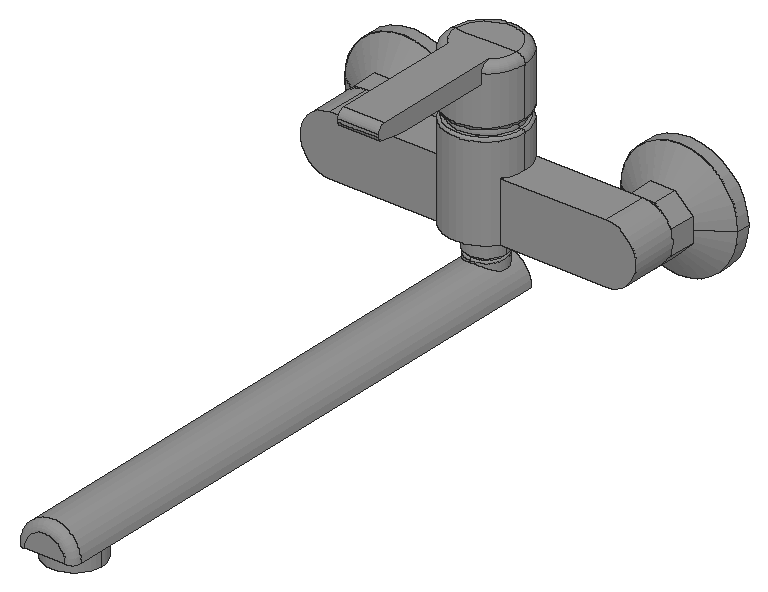
Revit family "LAVAD TRENTO", category Plumbing Fixtures, Revit 2019
Family settings
  Round Connector Dimension = Use Diameter
  Part Type = Normal
  OmniClass Number = 23.45.00.00
  OmniClass Title = Sanitary, Laundry, and Cleaning Equipment
  Work Plane-Based = No
  Always vertical = Yes
  Cut with Voids When Loaded = No
  Shared = No
  Room Calculation Point = No
Reference planes
  plane 1 "Center (Front/Back)": y = 0
  plane 2: z = 0
  plane 3 "Center (Left/Right)": x = 0
Forms (mm)
  Extrusion 1, solid
    sketch origin (0, 0, 0) x (1, 0, 0) y (0, 0, 1)
      loop
        circle (0, 0) r 10
      loop
        circle (150, 0) r 10
    from 0 to 14
  Extrusion 2, solid
    sketch origin (0, 0, 0) x (1, 0, 0) y (0, 0, 1)
      loop
        circle (0, 0) r 32
      loop
        circle (150, 0) r 32
    from 14 to 21
  Blend 3, solid
    base sketch origin (0, 0, 0) x (1, 0, 0) y (0, 0, 1)
      loop
        circle (0, 0) r 32
    top sketch origin (0, 0, 0) x (1, 0, 0) y (0, 0, 1)
      loop
        circle (0, 0) r 15
    from 21 to 32
  Blend 4, solid
    base sketch origin (150, 0, 0) x (1, 0, 0) y (0, 0, 1)
      loop
        circle (0, 0) r 32
    top sketch origin (150, 0, 0) x (1, 0, 0) y (0, 0, 1)
      loop
        circle (0, 0) r 15
    from 21 to 32
  Extrusion 5, solid
    sketch origin (0, 0, 0) x (1, 0, 0) y (0, 0, 1)
      loop
        line (6.627, 16) -> (-6.627, 16) -> (-16, 6.627) -> (-16, -6.627) -> (-6.627, -16) -> (6.627, -16) -> (16, -6.627) -> (16, 6.627) -> (6.627, 16)
    from 32 to 45.7
  Extrusion 6, solid
    sketch origin (150, 0, 0) x (1, 0, 0) y (0, 0, 1)
      loop
        line (6.627, 16) -> (-6.627, 16) -> (-16, 6.627) -> (-16, -6.627) -> (-6.627, -16) -> (6.627, -16) -> (16, -6.627) -> (16, 6.627) -> (6.627, 16)
    from 32 to 45.7
  Extrusion 7, solid
    sketch origin (0, 0, 0) x (1, 0, 0) y (0, 0, 1)
      loop
        arc (0, 16.247) -> (-16.247, 0) -> (0, -16.247) r 16.247
        line (0, -16.247) -> (150, -16.247)
        arc (150, -16.247) -> (166.247, 0) -> (150, 16.247) r 16.247
        line (150, 16.247) -> (0, 16.247)
    from 45.7 to 70.7
  Revolve 8, solid
    sketch origin (0, -58.431, 0) x (1, 0, 0) y (0, 0, 1)
      loop
        line (75, -16.247) -> (96, -16.247) -> (96, 34.36)
        arc (96, 34.36) -> (95.592, 35.345) -> (94.607, 35.753) r 1.393
        line (94.607, 35.753) -> (92.638, 35.753)
        arc (92.638, 35.753) -> (92.349, 38.196) -> (91, 40.253) r 5.368
        line (91, 40.253) -> (94.876, 40.253)
        arc (94.876, 40.253) -> (95.671, 40.582) -> (96, 41.377) r 1.124
        line (96, 41.377) -> (96, 67.767)
        arc (96, 67.767) -> (94.686, 70.939) -> (91.514, 72.253) r 4.486
        line (91.514, 72.253) -> (75, 72.253) -> (75, -16.247)
      axis (75, -16.247) -> (75, 72.253)
    angle from 0 to 360
  Extrusion 9, solid
    sketch origin (0, 0, 0) x (0, 1, 0) y (0, 0, 1)
      loop
        line (-58.431, 62.253) -> (-58.431, 72.253) -> (-141.471, 72.253)
        arc (-141.471, 72.253) -> (-144.271, 71.094) -> (-145.431, 68.294) r 3.959
        line (-145.431, 68.294) -> (-145.431, 66.605)
        arc (-145.431, 66.605) -> (-145.057, 65.56) -> (-144.105, 64.988) r 1.649
        line (-144.105, 64.988) -> (-133.082, 62.784)
        arc (-133.082, 62.784) -> (-130.417, 62.386) -> (-127.726, 62.253) r 27.31
        line (-127.726, 62.253) -> (-58.431, 62.253)
    from 64.102 to 86.102
  Extrusion 10, solid
    sketch origin (0, 0, 0) x (1, 0, 0) y (0, 1, 0)
      loop
        circle (75, -58.431) r 11
    from -27.922 to -16
  Revolve 11, solid
    sketch origin (75, 0, 0) x (0, 1, 0) y (0, 0, 1)
      loop
        line (-58.431, -27.922) -> (-67.813, -27.922) -> (-67.813, -29.574)
        arc (-67.813, -29.574) -> (-68.611, -29.904) -> (-68.942, -30.703) r 1.129
        line (-68.942, -30.703) -> (-68.942, -47.422) -> (-58.431, -47.422) -> (-58.431, -27.922)
      axis (-58.431, -27.922) -> (-58.431, -47.422)
    angle from 0 to 360
  Revolve 12, solid
    sketch origin (75, 0, 0) x (0, 1, 0) y (0, 0, 1)
      loop
        line (-47.919, -31.422) -> (-353.431, -31.422)
        arc (-353.431, -31.422) -> (-356.966, -32.887) -> (-358.431, -36.422) r 5
        line (-358.431, -36.422) -> (-358.431, -47.422) -> (-47.919, -47.422) -> (-47.919, -31.422)
      axis (-47.919, -47.422) -> (-358.431, -47.422)
    angle from -90 to 90
  Extrusion 13, solid
    sketch origin (0, 0, 0) x (1, 0, 0) y (0, 1, 0)
      loop
        circle (75, -338.431) r 15
    from -55.887 to -47.422
Cuts and joins
  joined: Extrusion 7, Revolve 8, Extrusion 9
Dimensions and locks
  aligned and locked: level to plane 2
